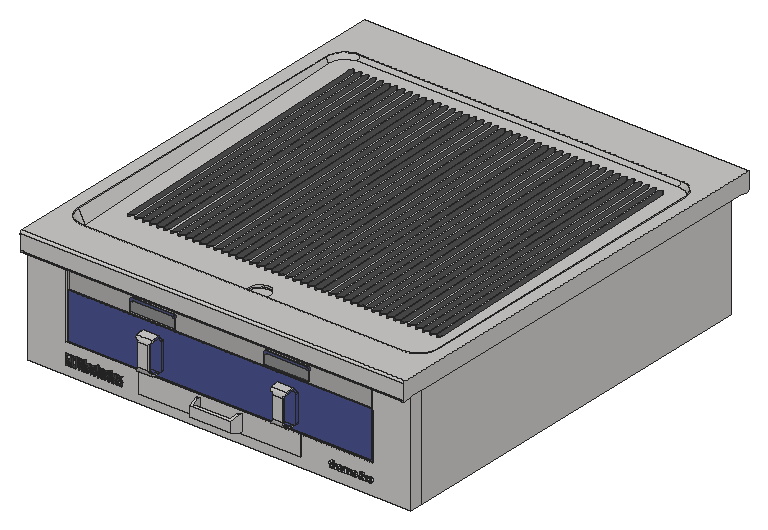
Revit family "QF_ELECTROLUXPROFESSIONAL_589831_MCHNAAHODM", category Attrezzature speciali, Revit 2020
Family settings
  Quota connettore circolare = Usa diametro
  Tipo di parte = Normale
  Basato su piano di lavoro = No
  Sempre verticale = Sì
  Taglio con vuoti quando caricato = No
  Condiviso = No
  Punto di calcolo locali = No
Parameters (values of type "Standard")
  Weight = 120.00 kg
  Watts = 15300 W
  Volts = 440 V
  URL Manufacturer = "https://www.electroluxprofessional.com/"
  URL = "https://www.electroluxprofessional.com/"
  Steam Supply Size = 0"
  Steam Supply Minimum Pressure = 0.00 psi
  Steam Supply Maximum Pressure = 0.00 psi
  Steam Consumption per Hour = 0
  Refrigeration Suction Line Size = 0 mm
  Refrigeration Liquid Line Size = 0 mm
  Refrigerant Compressor Remote = yes
  Prospetto di default = 0 mm
  Phase = 3
  Modello = "MCHNAAHODM"
  Produttore = "Electrolux Professional"
  Length Actual = 800 mm  # constant formula
  Item Number = "589831"
  Hot Water Size = 0"
  Height Actual = 250 mm  # constant formula
  HP = "20.5 HP"
  Gas Size = 0"
  Gas KW = 0
  Gas Input Pressure = 0.0 Btu/h
  Direct Waste Size = 0"
  Descrizione = "FRYTOP,RBD,2Z,1S,800X900X250H MARINE"
  Depth Actual = 900 mm  # constant formula
  Cycle = 50 Hz
  Condensate Return Size = 0"
  Compressed Air Volume = 0 GPM
  Compressed Air Size = 0"
  Compressed Air Pressure = 0.00 psi
  Cold Water Size = 0"
  Accessory = yes
Reference planes
  plane 1 "BACK": y = 0
  plane 2: z = 0
  plane 3 "LEFT": x = 0
  plane 4 "RIGHT": x = 800
  plane 5 "FRONT": y = -900
  plane 6 "TOP": z = 900
  plane 7 "Center (Left/Right)": x = 400
  plane 8 "Center (Front/Back)": y = -425
  plane 9: y = -150
  plane 10: y = -65
  plane 11: y = -840
  plane 12 "EIY": y = -685
  plane 13: z = 938
  plane 14 "BaseTop": z = 650
  plane 15: y = -855
  plane 16 "Camino": y = -50
  plane 17 "EIx": x = 755
  plane 18: z = 1131
  plane 19 "PlaneRibbed": through (-6096, -65, 890) normal (0, -0.0251, 0.9997)
  plane 20 "Base": z = 200
Forms (mm)
  Extrusion 1, solid, material "QF_Finishes_Stainless Steel"
    sketch origin (-178.969, -4572, 100) x (-1, 0, 0) y (0, -1, 0)
      loop
        line (-178.969, -4527) -> (-178.969, -3717) -> (-978.969, -3717) -> (-978.969, -4527) -> (-178.969, -4527)
    from 550 to 762.969
  Extrusion 2, solid, material "QF_Finishes_Stainless Steel"
    sketch origin (400, 296.4, 1219.2) x (0, 1, 0) y (0, 0, 1)
      loop
        line (-296.4, -319.2) -> (-1191.4, -319.2)
        arc (-1191.4, -319.2) -> (-1194.935, -320.664) -> (-1196.4, -324.2) r 5
        line (-1196.4, -324.2) -> (-1196.4, -355.2)
        arc (-1196.4, -355.2) -> (-1194.971, -358.264) -> (-1191.705, -359.139) r 4
        line (-1191.705, -359.139) -> (-1176.4, -356.231) -> (-316.4, -356.231) -> (-301.094, -359.139)
        arc (-301.094, -359.139) -> (-297.829, -358.264) -> (-296.4, -355.2) r 4
        line (-296.4, -355.2) -> (-296.4, -319.2)
    from -400 to 400
  Extrusion 3, void
    sketch origin (0, -30, 900) x (-1, 0, 0) y (0, -1, 0)
      loop
        arc (-65, 65) -> (-36.716, 76.716) -> (-25, 105) r 40
        line (-25, 105) -> (-25, 750)
        arc (-25, 750) -> (-36.716, 778.284) -> (-65, 790) r 40
        line (-65, 790) -> (-735, 790)
        arc (-735, 790) -> (-763.284, 778.284) -> (-775, 750) r 40
        line (-775, 750) -> (-775, 105)
        arc (-775, 105) -> (-763.284, 76.716) -> (-735, 65) r 40
        line (-735, 65) -> (-65, 65)
    from 0 to -30
  Extrusion 4, solid, material "QF_Finishes_Stainless Steel"
    sketch origin (0, 0, 650) x (-1, 0, 0) y (0, -1, 0)
      loop
        circle (-755, 685) r 10.1
    from 0 to -10
  Sweep 5, solid, material "QF_Finishes_Stainless Steel"
    path origin (0, -30, 900) x (-1, 0, 0) y (0, -1, 0)
      loop
        line (-25, 105) -> (-25, 750)
        arc (-25, 750) -> (-36.716, 778.284) -> (-65, 790) r 40
        line (-65, 790) -> (-735, 790)
        arc (-735, 790) -> (-763.284, 778.284) -> (-775, 750) r 40
        line (-775, 750) -> (-775, 105)
        arc (-775, 105) -> (-763.284, 76.716) -> (-735, 65) r 40
        line (-735, 65) -> (-65, 65)
        arc (-65, 65) -> (-36.716, 76.716) -> (-25, 105) r 40
    profile origin (25, -457.5, 900) x (1, 0, 0) y (0, 0, 1)
      loop
        line (0, 0) -> (0, -30) -> (15, -30) -> (0, 0)
  Extrusion 6, void
    sketch origin (305.009, -30, 900) x (-1, 0, 0) y (0, -1, 0)
      loop
        circle (-94.991, 746) r 22.248
    from -32.282 to 0
  Extrusion 7, solid, material "QF_Finishes_Stainless Steel"
    sketch origin (400, 266.4, 1219.2) x (0, 1, 0) y (0, 0, 1)
      loop
        line (-1086.4, -349.2) -> (-361.4, -349.2) -> (-361.4, -329.2) -> (-1086.4, -347.399) -> (-1086.4, -349.2)
    from -375 to 375
  Extrusion 8, void
    sketch origin (290.252, -10, 900) x (-1, 0, 0) y (0, -1, 0)
      loop
        circle (-109.748, 765.667) r 22.248
    from -32.282 to 0
Cuts and joins
  Extrusion 3, Extrusion 6, Extrusion 8 cuts Extrusion 2
  Extrusion 8 cuts Sweep 5
  Extrusion 8 cuts Extrusion 7
  joined: Sweep 5, Extrusion 7
Lines and regions (mm)
  symbolic lines
    curve 1: line (0, 0, 100) -> (800, 0, 100)
    curve 2: line (0, -900, 100) -> (0, 0, 100)
    curve 3: line (800, -900, 100) -> (0, -900, 100)
    curve 4: line (800, 0, 100) -> (800, -900, 100)
    curve 5: line (734.029, -95, 0) -> (65.29, -95, 0)
    curve 6: line (65.29, -820, 0) -> (734.029, -820, 0)
    curve 7: line (65, -110, 900) -> (735, -110, 900)
    curve 8: line (735, -805, 900) -> (65, -805, 900)
    curve 9: arc (760, -780, 900) -> (752.678, -797.678, 900) -> (735, -805, 900) r 25
    curve 10: line (760, -135, 900) -> (760, -780, 900)
    curve 11: arc (735, -110, 900) -> (752.678, -117.322, 900) -> (760, -135, 900) r 25
    curve 12: circle (400, -776, 900) r 22.248 normal (0, 0, 1)
    curve 13: arc (90.5, -115.483, 900) -> (62.314, -127.096, 900) -> (50.5, -155.198, 900) r 39.994
    curve 14: line (90.5, -115.482, 900) -> (710.5, -115.482, 900)
    curve 15: line (50.5, -692.082, 900) -> (50.5, -155.198, 900)
    curve 16: arc (50.5, -692.082, 900) -> (62.314, -720.184, 900) -> (90.5, -731.797, 900) r 39.994
    curve 17: line (710.5, -731.798, 900) -> (90.5, -731.798, 900)
    curve 18: line (40.29, -738.526, 900) -> (760, -738.526, 900)
    curve 19: line (40.29, -748.526, 900) -> (760, -748.526, 900)
    curve 20: arc (65, -95, 900) -> (36.716, -106.716, 900) -> (25, -135, 900) r 40
    curve 21: line (25, -135, 900) -> (25, -780, 900)
    curve 22: arc (25, -780, 900) -> (36.716, -808.284, 900) -> (65, -820, 900) r 40
    curve 23: arc (735, -820, 900) -> (763.284, -808.284, 900) -> (775, -780, 900) r 40
    curve 24: line (775, -780, 900) -> (775, -135, 900)
    curve 25: arc (775, -135, 900) -> (763.284, -106.716, 900) -> (735, -95, 900) r 40
    curve 26: arc (709.5, -115.483, 900) -> (737.686, -127.096, 900) -> (749.5, -155.198, 900) r 39.994
    curve 27: line (749.5, -692.082, 900) -> (749.5, -155.198, 900)
    curve 28: arc (749.5, -692.082, 900) -> (737.686, -720.184, 900) -> (709.5, -731.797, 900) r 39.994
    curve 29: arc (65, -805, 900) -> (47.322, -797.678, 900) -> (40, -780, 900) r 25
    curve 30: line (40, -780, 900) -> (40, -135, 900)
    curve 31: arc (40, -135, 900) -> (47.322, -117.322, 900) -> (65, -110, 900) r 25
Dimensions and locks
  plane 3 "LEFT" to plane 4 "RIGHT" = 800 mm
  plane 5 "FRONT" to plane 1 "BACK" = 900 mm
  plane 3 "LEFT" to plane 7 "Center (Left/Right)" to plane 4 "RIGHT" = 400 mm, 400 mm
  plane 5 "FRONT" to plane 8 "Center (Front/Back)" to plane 1 "BACK" = 475 mm, 425 mm
  plane 6 "TOP" to level = 900 mm  (x2)
  plane 1 "BACK" to plane 9 = 150 mm
  plane 12 "EIY" to plane 1 "BACK" = 685 mm
  plane 13 to plane 6 "TOP" = 38 mm
  plane 10 to plane 1 "BACK" = 65 mm
  plane 5 "FRONT" to plane 11 = 60 mm
  locked: plane 6 "TOP" to plane 14 "BaseTop" at 250
  locked: plane 15 to plane 5 "FRONT" at 45
  plane 16 "Camino" to plane 1 "BACK" = 50 mm
  plane 17 "EIx" to plane 4 "RIGHT" = 45 mm
  plane 18 to plane 6 "TOP" = 231 mm
  plane 20 "Base" to level = 200 mm
  aligned and locked: level to plane 2
  aligned and locked: cut or joined group of Extrusion 2, Extrusion 3, Extrusion 6, Extrusion 8 to plane 3 "LEFT"
  aligned and locked: cut or joined group of Extrusion 2, Extrusion 3, Extrusion 6, Extrusion 8 to plane 4 "RIGHT"
  aligned and locked: nested 1 to plane 15
  aligned and locked: Extrusion 1 to plane 15
  aligned and locked: plane 3 "LEFT" to nested 1
Nested families
  nested 1: "Front_Panel_W800_Two Knobs" at (202.376, -855, 0), type "Front_Panel_W800_Two Knobs"
  nested 2: "Rib_D12" at (662.5, -409.667, 882.101) x (-1, 0, 0) z (0, -0.0251, 0.9997), type "Rib_D12"
    with Show Clearance yes, Lenght 588 mm
  nested 3: "Rib_D12" at (647.5, -409.667, 882.101) x (-1, 0, 0) z (0, -0.0251, 0.9997), type "Rib_D12"
    with Show Clearance yes, Lenght 588 mm
  nested 4: "Rib_D12" at (632.5, -409.667, 882.101) x (-1, 0, 0) z (0, -0.0251, 0.9997), type "Rib_D12"
    with Show Clearance yes, Lenght 588 mm
  nested 5: "Rib_D12" at (617.5, -409.667, 882.101) x (-1, 0, 0) z (0, -0.0251, 0.9997), type "Rib_D12"
    with Show Clearance yes, Lenght 588 mm
  nested 6: "Rib_D12" at (602.5, -409.667, 882.101) x (-1, 0, 0) z (0, -0.0251, 0.9997), type "Rib_D12"
    with Show Clearance yes, Lenght 588 mm
  nested 7: "Rib_D12" at (587.5, -409.667, 882.101) x (-1, 0, 0) z (0, -0.0251, 0.9997), type "Rib_D12"
    with Show Clearance yes, Lenght 588 mm
  nested 8: "Rib_D12" at (572.5, -409.667, 882.101) x (-1, 0, 0) z (0, -0.0251, 0.9997), type "Rib_D12"
    with Show Clearance yes, Lenght 588 mm
  nested 9: "Rib_D12" at (557.5, -409.667, 882.101) x (-1, 0, 0) z (0, -0.0251, 0.9997), type "Rib_D12"
    with Show Clearance yes, Lenght 588 mm
  nested 10: "Rib_D12" at (542.5, -409.667, 882.101) x (-1, 0, 0) z (0, -0.0251, 0.9997), type "Rib_D12"
    with Show Clearance yes, Lenght 588 mm
  nested 11: "Rib_D12" at (527.5, -409.667, 882.101) x (-1, 0, 0) z (0, -0.0251, 0.9997), type "Rib_D12"
    with Show Clearance yes, Lenght 588 mm
  nested 12: "Rib_D12" at (512.5, -409.667, 882.101) x (-1, 0, 0) z (0, -0.0251, 0.9997), type "Rib_D12"
    with Show Clearance yes, Lenght 588 mm
  nested 13: "Rib_D12" at (497.5, -409.667, 882.101) x (-1, 0, 0) z (0, -0.0251, 0.9997), type "Rib_D12"
    with Show Clearance yes, Lenght 588 mm
  nested 14: "Rib_D12" at (722.5, -409.667, 882.101) x (-1, 0, 0) z (0, -0.0251, 0.9997), type "Rib_D12"
    with Show Clearance yes, Lenght 588 mm
  nested 15: "Rib_D12" at (707.5, -409.667, 882.101) x (-1, 0, 0) z (0, -0.0251, 0.9997), type "Rib_D12"
    with Show Clearance yes, Lenght 588 mm
  nested 16: "Rib_D12" at (692.5, -409.667, 882.101) x (-1, 0, 0) z (0, -0.0251, 0.9997), type "Rib_D12"
    with Show Clearance yes, Lenght 588 mm
  nested 17: "Rib_D12" at (677.5, -409.667, 882.101) x (-1, 0, 0) z (0, -0.0251, 0.9997), type "Rib_D12"
    with Show Clearance yes, Lenght 588 mm
  nested 18: "Rib_D12" at (482.5, -409.667, 882.101) x (-1, 0, 0) z (0, -0.0251, 0.9997), type "Rib_D12"
    with Show Clearance yes, Lenght 588 mm
  nested 19: "Rib_D12" at (467.5, -409.667, 882.101) x (-1, 0, 0) z (0, -0.0251, 0.9997), type "Rib_D12"
    with Show Clearance yes, Lenght 588 mm
  nested 20: "Rib_D12" at (452.5, -409.667, 882.101) x (-1, 0, 0) z (0, -0.0251, 0.9997), type "Rib_D12"
    with Show Clearance yes, Lenght 588 mm
  nested 21: "Rib_D12" at (437.5, -409.667, 882.101) x (-1, 0, 0) z (0, -0.0251, 0.9997), type "Rib_D12"
    with Show Clearance yes, Lenght 588 mm
  nested 22: "Rib_D12" at (422.5, -409.667, 882.101) x (-1, 0, 0) z (0, -0.0251, 0.9997), type "Rib_D12"
    with Show Clearance yes, Lenght 588 mm
  nested 23: "Rib_D12" at (407.5, -409.667, 882.101) x (-1, 0, 0) z (0, -0.0251, 0.9997), type "Rib_D12"
    with Show Clearance yes, Lenght 588 mm
  nested 24: "Rib_D12" at (137.5, -409.667, 882.101) x (1, 0, 0) z (0, -0.0251, 0.9997), type "Rib_D12"
    with Show Clearance yes, Lenght 588 mm
  nested 25: "Rib_D12" at (152.5, -409.667, 882.101) x (1, 0, 0) z (0, -0.0251, 0.9997), type "Rib_D12"
    with Show Clearance yes, Lenght 588 mm
  nested 26: "Rib_D12" at (167.5, -409.667, 882.101) x (1, 0, 0) z (0, -0.0251, 0.9997), type "Rib_D12"
    with Show Clearance yes, Lenght 588 mm
  nested 27: "Rib_D12" at (182.5, -409.667, 882.101) x (1, 0, 0) z (0, -0.0251, 0.9997), type "Rib_D12"
    with Show Clearance yes, Lenght 588 mm
  nested 28: "Rib_D12" at (197.5, -409.667, 882.101) x (1, 0, 0) z (0, -0.0251, 0.9997), type "Rib_D12"
    with Show Clearance yes, Lenght 588 mm
  nested 29: "Rib_D12" at (212.5, -409.667, 882.101) x (1, 0, 0) z (0, -0.0251, 0.9997), type "Rib_D12"
    with Show Clearance yes, Lenght 588 mm
  nested 30: "Rib_D12" at (227.5, -409.667, 882.101) x (1, 0, 0) z (0, -0.0251, 0.9997), type "Rib_D12"
    with Show Clearance yes, Lenght 588 mm
  nested 31: "Rib_D12" at (242.5, -409.667, 882.101) x (1, 0, 0) z (0, -0.0251, 0.9997), type "Rib_D12"
    with Show Clearance yes, Lenght 588 mm
  nested 32: "Rib_D12" at (257.5, -409.667, 882.101) x (1, 0, 0) z (0, -0.0251, 0.9997), type "Rib_D12"
    with Show Clearance yes, Lenght 588 mm
  nested 33: "Rib_D12" at (272.5, -409.667, 882.101) x (1, 0, 0) z (0, -0.0251, 0.9997), type "Rib_D12"
    with Show Clearance yes, Lenght 588 mm
  nested 34: "Rib_D12" at (287.5, -409.667, 882.101) x (1, 0, 0) z (0, -0.0251, 0.9997), type "Rib_D12"
    with Show Clearance yes, Lenght 588 mm
  nested 35: "Rib_D12" at (302.5, -409.667, 882.101) x (1, 0, 0) z (0, -0.0251, 0.9997), type "Rib_D12"
    with Show Clearance yes, Lenght 588 mm
  nested 36: "Rib_D12" at (77.5, -409.667, 882.101) x (1, 0, 0) z (0, -0.0251, 0.9997), type "Rib_D12"
    with Show Clearance yes, Lenght 588 mm
  nested 37: "Rib_D12" at (92.5, -409.667, 882.101) x (1, 0, 0) z (0, -0.0251, 0.9997), type "Rib_D12"
    with Show Clearance yes, Lenght 588 mm
  nested 38: "Rib_D12" at (107.5, -409.667, 882.101) x (1, 0, 0) z (0, -0.0251, 0.9997), type "Rib_D12"
    with Show Clearance yes, Lenght 588 mm
  nested 39: "Rib_D12" at (122.5, -409.667, 882.101) x (1, 0, 0) z (0, -0.0251, 0.9997), type "Rib_D12"
    with Show Clearance yes, Lenght 588 mm
  nested 40: "Rib_D12" at (317.5, -409.667, 882.101) x (1, 0, 0) z (0, -0.0251, 0.9997), type "Rib_D12"
    with Show Clearance yes, Lenght 588 mm
  nested 41: "Rib_D12" at (332.5, -409.667, 882.101) x (1, 0, 0) z (0, -0.0251, 0.9997), type "Rib_D12"
    with Show Clearance yes, Lenght 588 mm
  nested 42: "Rib_D12" at (347.5, -409.667, 882.101) x (1, 0, 0) z (0, -0.0251, 0.9997), type "Rib_D12"
    with Show Clearance yes, Lenght 588 mm
  nested 43: "Rib_D12" at (362.5, -409.667, 882.101) x (1, 0, 0) z (0, -0.0251, 0.9997), type "Rib_D12"
    with Show Clearance yes, Lenght 588 mm
  nested 44: "Rib_D12" at (377.5, -409.667, 882.101) x (1, 0, 0) z (0, -0.0251, 0.9997), type "Rib_D12"
    with Show Clearance yes, Lenght 588 mm
  nested 45: "Rib_D12" at (392.5, -409.667, 882.101) x (1, 0, 0) z (0, -0.0251, 0.9997), type "Rib_D12"
    with Show Clearance yes, Lenght 588 mm
Connectors
  electrical at (755, -685, 640), driven by "Volts"
    settings: on Extrusion 4, index 1, voltage 440 V, apparent load 0 VA, apparent load phase1 0 VA, apparent load phase2 0 VA, apparent load phase3 0 VA, power factor 1, load classification "Other", number of poles 1, system type 30, power factor state 1, is connector primary yes, connector utility no, sub classification motor no, connector description "Electrical Connection"
Definition of nested family "Front_Panel_W800_Two Knobs"
  Parameters
    Default Elevation = 0 mm
  Reference planes
    plane 1 "Center (Front/Back)": y = 0
    plane 2: z = 0
    plane 3 "Center (Left/Right)": x = 197.624
    plane 4 "Left": x = -202.376
    plane 5 "Right": x = 597.624
    plane 6: y = -45
    plane 7: x = 127.624
    plane 8: y = -310
    plane 9: x = 57.624
    plane 10: x = 337.624
    plane 11: x = 517.624
    plane 12: x = -122.376
    plane 13 "Panel": y = -25
  Forms (mm)
    Extrusion 1, solid
      sketch origin (833.217, 829.203, -1.25) x (0, 1, 0) y (0, 0, 1)
        loop
          line (-854.203, 651.25) -> (-829.203, 651.25) -> (-829.203, 864.25) -> (-854.203, 864.25) -> (-854.203, 651.25)
      from -1035.593 to -235.593
    Extrusion 2, void
      sketch origin (0, 0, 0) x (1, 0, 0) y (0, 0, 1)
        loop
          line (-122.376, 853.866) -> (-122.376, 711.866) -> (517.624, 711.866) -> (517.624, 853.866) -> (-122.376, 853.866)
      from 19.387 to 33.951
    Extrusion 3, solid
      sketch origin (50, 0, 1) x (1, 0, 0) y (0, 0, 1)
        loop
          line (-21.376, 710.866) -> (-21.376, 667.866) -> (316.624, 667.866) -> (316.624, 710.866) -> (-21.376, 710.866)
      from 19.387 to 25
    Extrusion 4, solid
      sketch origin (50, 0, 1) x (1, 0, 0) y (0, 1, 0)
        loop
          line (106.059, -25) -> (100.966, -25) -> (105.646, -49.075) -> (189.603, -49.075) -> (194.283, -25) -> (189.189, -25) -> (185.481, -44.075) -> (109.767, -44.075) -> (106.059, -25)
      from 672.593 to 705.67
    Extrusion 5, void
      sketch origin (197.624, 0, 1) x (0, 1, 0) y (0, 0, 1)
        loop
          line (-30, 705.67) -> (-30, 710.67) -> (-56.744, 710.67) -> (-56.744, 667.593) -> (-30, 667.593) -> (-30, 672.593) -> (-53.776, 680.318) -> (-53.776, 697.945) -> (-30, 705.67)
      from -50 to 50
    Extrusion 6, solid, detail levels coarse
      sketch origin (50, -265, 1) x (1, 0, 0) y (0, 1, 0)
        loop
          line (106.164, -71.744) -> (189.084, -71.744) -> (194.283, -45) -> (316.624, -45) -> (316.624, 240) -> (-21.376, 240) -> (-21.376, -45) -> (100.966, -45) -> (106.164, -71.744)
      from 672.593 to 705.67
    Extrusion 7, void
      sketch origin (197.624, -280, 1) x (0, 1, 0) y (0, 0, 1)
        loop
          line (-30, 705.67) -> (-30, 710.67) -> (-56.744, 710.67) -> (-56.744, 667.593) -> (-30, 667.593) -> (-30, 672.593) -> (-53.776, 680.318) -> (-53.776, 697.945) -> (-30, 705.67)
      from -50 to 50
  Cuts and joins
    Extrusion 2 cuts Extrusion 1
    Extrusion 5 cuts Extrusion 4
    Extrusion 5, Extrusion 7 cuts Extrusion 6
  Lines and regions (mm)
    symbolic lines
      curve 1: line (28.624, -45, 0) -> (28.624, -310, 0)
      curve 2: line (28.624, -310, 0) -> (366.624, -310, 0)
      curve 3: line (366.624, -310, 0) -> (366.624, -45, 0)
      curve 4: line (28.624, -300, 0) -> (366.624, -300, 0)
      curve 5: line (150.908, -309.701, 0) -> (155.587, -333.776, 0)
      curve 6: line (155.587, -333.776, 0) -> (239.545, -333.776, 0)
      curve 7: line (239.545, -333.776, 0) -> (244.225, -309.701, 0)
      curve 8: line (155.816, -308.747, 0) -> (159.709, -328.776, 0)
      curve 9: line (159.709, -328.776, 0) -> (235.423, -328.776, 0)
      curve 10: line (235.423, -328.776, 0) -> (239.316, -308.747, 0)
  Dimensions and locks
    equal spacing: plane 5 "Right", plane 3 "Center (Left/Right)", plane 4 "Left"
    plane 5 "Right" to plane 4 "Left" = 800 mm
    plane 3 "Center (Left/Right)" to plane 7 = 70 mm
    plane 6 to plane 8 = 265 mm
    plane 10 to plane 3 "Center (Left/Right)" = 140 mm
    plane 3 "Center (Left/Right)" to plane 9 = 140 mm
    aligned and locked: cut or joined group of Extrusion 1, Extrusion 2 to plane 4 "Left"
    aligned and locked: plane 5 "Right" to cut or joined group of Extrusion 1, Extrusion 2
    aligned and locked: plane 3 "Center (Left/Right)" to nested 1
    aligned and locked: cut or joined group of Extrusion 1, Extrusion 2 to nested 1
    aligned and locked: nested 5 to plane 12
  Automatic sketch dimensions
    Extrusion 1 sketch curve to plane 1 "Center (Front/Back)" = 0 mm
    level to Extrusion 1 sketch curve = 650 mm
    plane 4 "Left" to Extrusion 2 sketch curve = 80 mm
    Extrusion 2 sketch curve to plane 5 "Right" = 80 mm
    level to Extrusion 2 sketch curve = 711.866 mm
    Extrusion 2 sketch curve to Extrusion 2 sketch curve = 142 mm
    plane 6 to curve 1 = 0 mm
    plane 6 to curve 3 = 0 mm
    plane 8 to curve 1 = 0 mm
    curve 1 to curve 4 = 10 mm
    Extrusion 1 sketch curve to plane 6 = 20 mm
    Extrusion 1 sketch curve to Extrusion 1 sketch curve = 213 mm
    curve 2 to plane 7 = 99 mm
    Extrusion 3 sketch curve to plane 9 = 29 mm
    plane 10 to Extrusion 3 sketch curve = 29 mm
    level to Extrusion 3 sketch curve = 668.866 mm
    Extrusion 3 sketch curve to Extrusion 3 sketch curve = 43 mm
    plane 13 "Panel" to Extrusion 4 sketch curve = 0 mm  (x2)
    plane 7 to Extrusion 4 sketch curve = 23.342 mm
    plane 6 to Extrusion 4 sketch curve = 4.075 mm
    Extrusion 4 sketch curve to Extrusion 4 sketch curve = 4.68 mm
    Extrusion 4 sketch curve to Extrusion 4 sketch curve = 5.094 mm  (x2)
    Extrusion 4 sketch curve to plane 6 = 0.925 mm
    Extrusion 4 sketch curve to Extrusion 4 sketch curve = 4.122 mm  (x2)
    plane 3 "Center (Left/Right)" to Extrusion 4 sketch curve = 37.857 mm
    Extrusion 4 sketch curve to Extrusion 4 sketch curve = 3.708 mm
    plane 6 to Extrusion 5 sketch curve = 11.744 mm
    plane 6 to Extrusion 5 sketch curve = 8.776 mm
    plane 13 "Panel" to Extrusion 5 sketch curve = 5 mm  (x2)
    level to Extrusion 5 sketch curve = 668.593 mm
    Extrusion 5 sketch curve to Extrusion 5 sketch curve = 5 mm
    Extrusion 5 sketch curve to Extrusion 5 sketch curve = 12.725 mm  (x2)
    Extrusion 5 sketch curve to Extrusion 5 sketch curve = 17.627 mm
    Extrusion 5 sketch curve to Extrusion 5 sketch curve = 7.725 mm
    plane 13 "Panel" to Extrusion 6 sketch curve = 0 mm
    Extrusion 6 sketch curve to plane 8 = 0 mm  (x2)
    Extrusion 6 sketch curve to plane 9 = 29 mm
    plane 7 to Extrusion 6 sketch curve = 23.342 mm
    Extrusion 6 sketch curve to Extrusion 6 sketch curve = 5.199 mm  (x2)
    plane 3 "Center (Left/Right)" to Extrusion 6 sketch curve = 41.46 mm
    plane 10 to Extrusion 6 sketch curve = 29 mm
    Extrusion 6 sketch curve to plane 8 = 26.744 mm
    Extrusion 7 sketch curve to plane 8 = 0 mm  (x2)
    Extrusion 7 sketch curve to plane 8 = 23.776 mm
    Extrusion 7 sketch curve to Extrusion 7 sketch curve = 2.968 mm
    level to Extrusion 7 sketch curve = 668.593 mm
    Extrusion 7 sketch curve to Extrusion 7 sketch curve = 5 mm
    Extrusion 7 sketch curve to Extrusion 7 sketch curve = 12.725 mm  (x2)
    Extrusion 7 sketch curve to Extrusion 7 sketch curve = 17.627 mm
    Extrusion 7 sketch curve to Extrusion 7 sketch curve = 7.725 mm
    plane 10 to curve 3 = 29 mm
    plane 8 to curve 5 = 0.299 mm
    plane 7 to curve 5 = 23.283 mm
    curve 5 to curve 5 = 4.68 mm
    plane 8 to curve 8 = 1.253 mm
    curve 5 to curve 8 = 4.908 mm
    curve 5 to curve 9 = 4.122 mm
    plane 3 "Center (Left/Right)" to curve 9 = 37.799 mm
    curve 10 to plane 8 = 18.776 mm
    plane 8 to curve 10 = 1.253 mm
    curve 9 to curve 10 = 3.893 mm
    curve 9 to curve 7 = 4.122 mm
    plane 8 to curve 7 = 0.299 mm
    curve 10 to curve 7 = 4.908 mm
    curve 6 to curve 8 = 5 mm
  Nested families
    nested 1: "Front glass control panel W800_Two" at (197.624, 280.644, 2.752), type "Front glass control panel W800_Two"
    nested 2: "Range Control Handle" at (57.851, -28.137, -209.113) x (-1, 0, 0) z (0, 0, 1), type "Range Control Handle"
    nested 3: "Range Control Handle" at (337.624, -28.137, -209.113), type "Range Control Handle"
    nested 4: "ELX_ThermaLine_Small" at (469.031, -25, 679.402) x (1, 0, 0) z (0, -1, 0), type "ELX_ThermaLine_Small"
      with Show Logo yes, Material_Logo none
    nested 5: "ELX_Professional_Logo_Small" at (-62.89, -25, 681.634) x (1, 0, 0) z (0, -1, 0), type "ELX_Professional_Logo_Small"
      with Show Logo yes, Material_Logo none
  Definition of nested family "Front glass control panel W800_Two"
    Parameters
      Default Elevation = 0 mm
    Reference planes
      plane 1 "Center (Front/Back)": y = 0
      plane 2: z = 0
      plane 3 "Center (Left/Right)": x = 0
      plane 4: x = -140
      plane 5: x = 140
    Forms (mm)
      Extrusion 1, solid
        sketch origin (378.286, 0, 0.617) x (1, 0, 0) y (0, 0, 1)
          loop
            line (-698.286, 806.791) -> (-698.286, 708.497) -> (-58.286, 708.497) -> (-58.286, 806.791) -> (-698.286, 806.791)
        from 300.031 to 304.8
      Extrusion 2, solid
        sketch origin (378.286, 0, 0.617) x (1, 0, 0) y (0, 0, 1)
          loop
            line (-698.286, 850.497) -> (-698.286, 806.791) -> (-58.286, 806.791) -> (-58.286, 850.497) -> (-698.286, 850.497)
        from 300.031 to 304.8
      Extrusion 3, void
        sketch origin (378.286, 0, 0.617) x (1, 0, 0) y (0, 0, 1)
          loop
            line (-695.628, 847.565) -> (-695.628, 710.699) -> (-61.196, 710.699) -> (-61.196, 847.565) -> (-695.628, 847.565)
        from 303.697 to 304.8
      Extrusion 4, solid
        sketch origin (-448.309, 1.101, -0.633) x (-1, 0, 0) y (0, 0, -1)
          loop
            line (-261.431, -812.62) -> (-355.186, -812.62) -> (-355.186, -834.177) -> (-350.269, -834.177) -> (-348.469, -835.977) -> (-268.039, -835.977) -> (-266.24, -834.177) -> (-261.431, -834.177) -> (-261.431, -812.62)
        from 304.798 to 306.745
      Extrusion 5, solid
        sketch origin (-448.309, 1.101, -0.633) x (-1, 0, 0) y (0, 0, -1)
          loop
            line (-350.269, -834.177) -> (-355.078, -834.177)
            arc (-355.078, -834.177) -> (-353.942, -838.747) -> (-349.686, -840.763) r 5.5
            line (-349.686, -840.763) -> (-266.98, -840.763)
            arc (-266.98, -840.763) -> (-262.706, -838.752) -> (-261.529, -834.177) r 5.549
            line (-261.529, -834.177) -> (-266.24, -834.177) -> (-268.039, -835.977) -> (-348.469, -835.977) -> (-350.269, -834.177)
        from 304.798 to 306.745
      Extrusion 6, solid
        sketch origin (448.309, 1.101, -0.633) x (1, 0, 0) y (0, 0, 1)
          loop
            line (-261.431, 812.62) -> (-261.431, 834.177) -> (-266.24, 834.177) -> (-268.039, 835.977) -> (-348.469, 835.977) -> (-350.269, 834.177) -> (-355.186, 834.177) -> (-355.186, 812.62) -> (-261.431, 812.62)
        from 304.798 to 306.745
      Extrusion 7, solid
        sketch origin (448.309, 1.101, -0.633) x (1, 0, 0) y (0, 0, 1)
          loop
            line (-350.269, 834.177) -> (-348.469, 835.977) -> (-268.039, 835.977) -> (-266.24, 834.177) -> (-261.529, 834.177)
            arc (-261.529, 834.177) -> (-262.706, 838.752) -> (-266.98, 840.763) r 5.549
            line (-266.98, 840.763) -> (-349.686, 840.763)
            arc (-349.686, 840.763) -> (-353.942, 838.747) -> (-355.078, 834.177) r 5.5
            line (-355.078, 834.177) -> (-350.269, 834.177)
        from 304.798 to 306.745
    Cuts and joins
      Extrusion 3 cuts Extrusion 1
      Extrusion 3 cuts Extrusion 2
    Dimensions and locks
      plane 3 "Center (Left/Right)" to plane 4 = 140 mm
      plane 5 to plane 3 "Center (Left/Right)" = 140 mm
      aligned and locked: Extrusion 1 to Extrusion 2
      aligned and locked: Extrusion 5 sketch curve to Extrusion 4  (x5)
      aligned and locked: Extrusion 5 to Extrusion 4
      aligned and locked: Extrusion 7 sketch curve to Extrusion 6  (x4)
      aligned and locked: Extrusion 6 to Extrusion 7 sketch curve
      aligned and locked: Extrusion 7 to Extrusion 6
  Definition of nested family "Range Control Handle"
    Parameters
      Default Elevation = 0 mm
    Reference planes
      plane 1 "Center (Front/Back)": y = 0
      plane 2: z = 0
      plane 3 "Center (Left/Right)": x = 0
      plane 4: z = 971.092
      plane 5: y = -16.9
    Forms (mm)
      Extrusion 1, solid
        sketch origin (-746.28, 380.497, 208.931) x (-1, 0, 0) y (0, 0, 1)
          loop
            line (-770.101, 786.798) -> (-770.101, 731.649)
            arc (-770.101, 731.649) -> (-769.759, 730.563) -> (-768.855, 729.87) r 1.893
            line (-768.855, 729.87) -> (-763.474, 727.911) -> (-729.81, 727.911) -> (-724.428, 729.87)
            arc (-724.428, 729.87) -> (-723.525, 730.563) -> (-723.183, 731.649) r 1.893
            line (-723.183, 731.649) -> (-723.183, 786.798)
            arc (-723.183, 786.798) -> (-723.529, 787.894) -> (-724.44, 788.593) r 1.91
            line (-724.44, 788.593) -> (-729.683, 790.819) -> (-763.601, 790.819) -> (-768.844, 788.593)
            arc (-768.844, 788.593) -> (-769.755, 787.894) -> (-770.101, 786.798) r 1.91
        from -382.35 to -378.852
      Sweep 2, solid
        path origin (-746.788, 380.496, 208.091) x (0, -1, 0) y (0, 0, 1)
          loop
            line (379.775, 793.281) -> (395.661, 791.048)
            arc (395.661, 791.048) -> (397.781, 787.377) -> (398.517, 783.202) r 12.207
            line (398.517, 783.202) -> (398.517, 737.368)
            arc (398.517, 737.368) -> (397.781, 733.193) -> (395.661, 729.522) r 12.207
            line (395.661, 729.522) -> (379.775, 727.289)
        profile origin (-746.788, -7.222, 1000.256) x (0, -0.139173, 0.990268) y (-1, 0, 0)
          loop
            line (0.782, -763.123) -> (0.782, -730.907) -> (-1.322, -730.907) -> (-1.322, -763.123) -> (0.782, -763.123)
      Sweep 3, solid
        path origin (-746.788, 380.715, 207.832) x (0, -1, 0) y (0, 0, 1)
          loop
            line (380.478, 795.442) -> (397.218, 793.09)
            arc (397.218, 793.09) -> (399.929, 788.473) -> (400.871, 783.202) r 15.207
            line (400.871, 783.202) -> (400.871, 737.584)
            arc (400.871, 737.584) -> (399.914, 732.274) -> (397.164, 727.633) r 15.207
            line (397.164, 727.633) -> (380.601, 725.305)
        profile origin (-746.788, -8.132, 1002.099) x (0, -0.139173, 0.990268) y (-1, 0, 0)
          loop
            line (0.782, -763.123) -> (0.782, -730.907) -> (-1.322, -730.907) -> (-1.322, -763.123) -> (0.782, -763.123)
      Extrusion 4, void
        sketch origin (889.253, 220.666, 207.993) x (1, 0, 0) y (0, 0, 1)
          loop
            line (-943.038, 816.854) -> (-943.038, 703.686) -> (-899.466, 734.196) -> (-899.466, 786.344) -> (-943.038, 816.854)
        from 230.636 to 242.25
      Extrusion 5, void
        sketch origin (-888.8, 220.666, 207.993) x (-1, 0, 0) y (0, 0, -1)
          loop
            line (-943.038, -816.854) -> (-899.466, -786.344) -> (-899.466, -734.196) -> (-943.038, -703.686) -> (-943.038, -816.854)
        from 230.636 to 242.25
      Extrusion 6, solid
        sketch origin (0, 0, 0) x (1, 0, 0) y (0, 0, 1)
          loop
            circle (0, 971.092) r 7.736
        from -3.137 to -1.645
    Cuts and joins
      Extrusion 4, Extrusion 5 cuts Sweep 3
      Extrusion 4, Extrusion 5 cuts Sweep 2
      joined: Extrusion 1, Extrusion 6
    Lines and regions (mm)
      symbolic lines
        curve 1: line (16.334, -16.9, 0) -> (16.334, -19.227, 0)
        curve 2: spline (16.334, -19.227, 0) -> (15.87, -19.385, 0) -> (15.404, -19.536, 0) -> (14.936, -19.678, 0) -> (14.466, -19.813, 0) -> (13.995, -19.94, 0) -> (13.523, -20.059, 0) -> (13.049, -20.171, 0) -> (12.575, -20.274, 0) -> (12.099, -20.37, 0) -> (11.622, -20.458, 0) -> (11.144, -20.537, 0) -> (10.666, -20.609, 0)
        curve 3: line (10.666, -16.9, 0) -> (10.666, -20.938, 0)
        curve 4: line (-10.213, -20.938, 0) -> (10.666, -20.938, 0)
        curve 5: line (-10.213, -20.938, 0) -> (-10.213, -16.9, 0)
        curve 6: spline (-10.213, -20.609, 0) -> (-10.691, -20.537, 0) -> (-11.169, -20.458, 0) -> (-11.646, -20.37, 0) -> (-12.122, -20.274, 0) -> (-12.597, -20.171, 0) -> (-13.07, -20.059, 0) -> (-13.542, -19.94, 0) -> (-14.013, -19.813, 0) -> (-14.483, -19.678, 0) -> (-14.951, -19.536, 0) -> (-15.417, -19.385, 0) -> (-15.881, -19.227, 0)
        curve 7: line (-15.881, -19.227, 0) -> (-15.881, -16.9, 0)
  Definition of nested family "ELX_ThermaLine_Small"
    Parameters
      Show Logo [instance] = yes
      Material_Logo [instance] = none
      Default Elevation = 0 mm
    Reference planes
      plane 1 "Centro (Fronte/Retro)": y = 0
      plane 2: z = 0
      plane 3 "Centro (Sinistra/Destra)": x = 0
    Forms (mm)
      Extrusion 1, solid
        sketch origin (0, 0, 0) x (1, 0, 0) y (0, 1, 0)
          loop
            line (-1219.2, 1219.2) -> (-1219.2, -1219.2) -> (1219.2, -1219.2) -> (1219.2, 1219.2) -> (-1219.2, 1219.2)
        from 0 to -304.8
      Extrusion 2, solid
        sketch origin (0, 0, 0) x (1, 0, 0) y (0, 1, 0)
          loop
            line (-37.494, 1.229) -> (-35.908, 1.229) -> (-35.908, 3.066) -> (-37.494, 3.066) -> (-37.494, 6.221) -> (-39.867, 4.881) -> (-39.867, 3.066) -> (-40.969, 3.066) -> (-40.969, 1.229) -> (-39.867, 1.229) -> (-39.867, -3.407)
            arc (-39.867, -3.407) -> (-38.982, -5.513) -> (-36.751, -6.001) r 2.478
            line (-36.751, -6.001) -> (-35.638, -5.7) -> (-35.9, -3.835) -> (-36.661, -4.039)
            arc (-36.661, -4.039) -> (-37.236, -3.924) -> (-37.494, -3.399) r 0.662
            line (-37.494, -3.399) -> (-37.494, 1.229)
          loop
            line (-34.242, 6.539) -> (-34.242, -5.848) -> (-31.854, -5.848) -> (-31.854, -0.078)
            arc (-31.854, -0.078) -> (-30.939, 1.249) -> (-29.33, 1.367) r 1.866
            arc (-29.33, 1.367) -> (-28.695, 0.768) -> (-28.461, -0.073) r 1.627
            line (-28.461, -0.073) -> (-28.461, -5.848) -> (-26.086, -5.848) -> (-26.064, -0.46)
            arc (-26.064, -0.46) -> (-26.261, 0.932) -> (-26.786, 2.237) r 5.825
            arc (-26.786, 2.237) -> (-29.381, 3.264) -> (-31.854, 1.971) r 3.353
            line (-31.854, 1.971) -> (-31.854, 6.539) -> (-34.242, 6.539)
          loop
            arc (-18.398, -0.598) -> (-18.893, 0.879) -> (-20.326, 1.487) r 1.897
            arc (-20.326, 1.487) -> (-21.461, 0.708) -> (-21.897, -0.598) r 2.164
            line (-21.897, -0.598) -> (-18.398, -0.598)
          loop
            arc (-16.021, -2.044) -> (-16.754, 1.227) -> (-19.444, 3.226) r 4.814
            arc (-19.444, 3.226) -> (-22.137, 2.788) -> (-23.943, 0.743) r 4.054
            arc (-23.943, 0.743) -> (-24.382, -1.249) -> (-24.162, -3.276) r 6.289
            arc (-24.162, -3.276) -> (-23.302, -4.71) -> (-21.958, -5.705) r 4.28
            arc (-21.958, -5.705) -> (-18.558, -5.814) -> (-16.152, -3.409) r 4.28
            line (-16.152, -3.409) -> (-18.5, -2.995)
            arc (-18.5, -2.995) -> (-19.273, -3.994) -> (-20.533, -4.076) r 1.536
            arc (-20.533, -4.076) -> (-21.56, -3.281) -> (-21.958, -2.044) r 2.197
            line (-21.958, -2.044) -> (-16.021, -2.044)
          loop
            line (-14.165, -5.848) -> (-11.819, -5.848) -> (-11.819, -2.138)
            arc (-11.819, -2.138) -> (-11.787, -1.156) -> (-11.637, -0.185) r 8.18
            arc (-11.637, -0.185) -> (-10.644, 0.972) -> (-9.132, 0.776) r 1.603
            line (-9.132, 0.776) -> (-8.419, 2.846)
            arc (-8.419, 2.846) -> (-10.432, 3.118) -> (-11.994, 1.821) r 2.527
            line (-11.994, 1.821) -> (-11.994, 3.094) -> (-14.165, 3.094) -> (-14.165, -5.848)
          loop
            line (-7.579, 3.094) -> (-7.579, -5.848) -> (-5.178, -5.848) -> (-5.178, -0.756)
            arc (-5.178, -0.756) -> (-4.727, 0.679) -> (-3.417, 1.419) r 2.05
            arc (-3.417, 1.419) -> (-2.499, 0.908) -> (-2.155, -0.085) r 1.471
            line (-2.155, -0.085) -> (-2.155, -5.848) -> (0.23, -5.848) -> (0.23, -1.001)
            arc (0.23, -1.001) -> (0.47, 0.127) -> (1.148, 1.061) r 2.775
            arc (1.148, 1.061) -> (2.225, 1.329) -> (3.05, 0.587) r 1.182
            arc (3.05, 0.587) -> (3.199, -0.019) -> (3.214, -0.642) r 2.894
            line (3.214, -0.642) -> (3.214, -5.848) -> (5.601, -5.848) -> (5.601, 0.261)
            arc (5.601, 0.261) -> (4.87, 2.263) -> (2.976, 3.241) r 2.932
            arc (2.976, 3.241) -> (1.284, 2.973) -> (-0.047, 1.896) r 3.309
            arc (-0.047, 1.896) -> (-1.116, 2.865) -> (-2.506, 3.258) r 3.16
            arc (-2.506, 3.258) -> (-4.105, 2.942) -> (-5.376, 1.92) r 3.419
            line (-5.376, 1.92) -> (-5.376, 3.094) -> (-7.579, 3.094)
          loop
            line (7.583, 0.738) -> (9.702, 0.364)
            arc (9.702, 0.364) -> (11.441, 1.492) -> (12.855, -0.023) r 1.613
            line (12.855, -0.023) -> (9.782, -0.789)
            arc (9.782, -0.789) -> (8.559, -1.346) -> (7.617, -2.305) r 3.687
            arc (7.617, -2.305) -> (7.499, -3.681) -> (7.901, -5.003) r 3.651
            arc (7.901, -5.003) -> (9.107, -5.766) -> (10.515, -6.006) r 3.635
            arc (10.515, -6.006) -> (11.898, -5.697) -> (13.067, -4.895) r 3.734
            line (13.067, -4.895) -> (13.376, -5.848) -> (15.75, -5.848) -> (15.212, -4.193) -> (15.212, 0.38)
            arc (15.212, 0.38) -> (14.897, 1.849) -> (13.818, 2.895) r 2.585
            arc (13.818, 2.895) -> (11.792, 3.442) -> (9.719, 3.11) r 5.005
            arc (9.719, 3.11) -> (8.369, 2.178) -> (7.583, 0.738) r 3.54
          loop
            line (19.723, -5.848) -> (22.233, -5.848) -> (24.854, 6.484) -> (22.345, 6.484) -> (19.723, -5.848)
          loop
            line (24.583, -5.848) -> (26.953, -5.848) -> (28.848, 3.066) -> (26.478, 3.066) -> (24.583, -5.848)
          loop
            line (27.204, 6.484) -> (26.741, 4.305) -> (29.111, 4.305) -> (29.575, 6.484) -> (27.204, 6.484)
          loop
            line (29.355, -5.848) -> (31.849, -5.848) -> (33.098, 0.028)
            arc (33.098, 0.028) -> (34.169, 1.306) -> (35.832, 1.422) r 2.132
            arc (35.832, 1.422) -> (36.324, 0.752) -> (36.383, -0.078) r 1.5
            line (36.383, -0.078) -> (35.157, -5.848) -> (37.536, -5.848) -> (38.936, 0.738)
            arc (38.936, 0.738) -> (38.775, 2.091) -> (37.825, 3.066) r 2.118
            arc (37.825, 3.066) -> (35.392, 3.175) -> (33.295, 1.937) r 4.271
            line (33.295, 1.937) -> (33.535, 3.066) -> (31.25, 3.066) -> (29.355, -5.848)
          loop
            line (42.792, -0.64) -> (46.589, -0.64)
            arc (46.589, -0.64) -> (46.639, 0.124) -> (46.327, 0.823) r 1.589
            arc (46.327, 0.823) -> (45.117, 1.521) -> (43.762, 1.183) r 1.865
            arc (43.762, 1.183) -> (43.141, 0.344) -> (42.792, -0.64) r 3.538
          loop
            line (42.565, -2.138) -> (48.593, -2.138)
            arc (48.593, -2.138) -> (48.58, 0.597) -> (46.983, 2.818) r 4.494
            arc (46.983, 2.818) -> (44.191, 3.28) -> (41.725, 1.891) r 4.26
            arc (41.725, 1.891) -> (40.503, -0.3) -> (40.284, -2.799) r 6.003
            arc (40.284, -2.799) -> (40.959, -4.468) -> (42.377, -5.576) r 3.482
            arc (42.377, -5.576) -> (44.265, -5.961) -> (46.152, -5.576) r 4.823
            arc (46.152, -5.576) -> (47.432, -4.731) -> (48.328, -3.485) r 4.245
            line (48.328, -3.485) -> (46.168, -3.105)
            arc (46.168, -3.105) -> (45.214, -4.072) -> (43.859, -4.181) r 1.953
            arc (43.859, -4.181) -> (42.821, -3.408) -> (42.565, -2.138) r 1.81
          loop
            line (12.868, -1.553) -> (10.216, -2.214)
            arc (10.216, -2.214) -> (9.747, -3.136) -> (10.216, -4.058) r 1.14
            arc (10.216, -4.058) -> (11.537, -4.249) -> (12.614, -3.46) r 1.763
            arc (12.614, -3.46) -> (12.858, -2.522) -> (12.868, -1.553) r 3.97
        from 0 to 1.6
    Dimensions and locks
      aligned and locked: plane 2 to Extrusion 1
      aligned and locked: level to Extrusion 1
  Definition of nested family "ELX_Professional_Logo_Small"
    Parameters
      Show Logo [instance] = yes
      Material_Logo [instance] = none
      Default Elevation = 0 mm
    Reference planes
      plane 1 "Centro (Fronte/Retro)": y = 0
      plane 2: z = 0
      plane 3 "Centro (Sinistra/Destra)": x = 0
    Forms (mm)
      Extrusion 1, solid
        sketch origin (0, 0, 0) x (1, 0, 0) y (0, 1, 0)
          loop
            line (-1219.2, 1219.2) -> (-1219.2, -1219.2) -> (1219.2, -1219.2) -> (1219.2, 1219.2) -> (-1219.2, 1219.2)
        from 0 to -304.8
      Extrusion 2, solid, material <- "Material_Logo"
        sketch origin (15.5, 0, 0) x (1, 0, 0) y (0, 1, 0)
          loop
            spline (-42.99, -1.24) -> (-43.195, -1.231) -> (-43.415, -1.203) -> (-43.642, -1.152) -> (-43.87, -1.074) -> (-44.095, -0.966) -> (-44.309, -0.825) -> (-44.506, -0.647) -> (-44.681, -0.429) -> (-44.828, -0.167) -> (-44.94, 0.142) -> (-45.011, 0.501) -> (-45.037, 0.915)
            line (-45.037, 0.915) -> (-45.037, 2.748) -> (-38.984, 2.748) -> (-38.984, 5.086) -> (-45.038, 5.086) -> (-45.038, 8.489) -> (-38.599, 8.489) -> (-38.599, 10.82) -> (-47.515, 10.82) -> (-47.515, 1.021)
            spline (-47.515, 1.021) -> (-47.493, 0.418) -> (-47.425, -0.15) -> (-47.311, -0.682) -> (-47.15, -1.175) -> (-46.939, -1.628) -> (-46.678, -2.038) -> (-46.365, -2.404) -> (-46, -2.723) -> (-45.58, -2.995) -> (-45.105, -3.216) -> (-44.573, -3.385) -> (-43.983, -3.499)
            line (-43.983, -3.499) -> (-43.01, -3.569) -> (-38.426, -3.569) -> (-38.426, -1.24) -> (-42.99, -1.24)
          loop
            line (-36.666, 4.021) -> (-36.666, -3.573) -> (-34.188, -3.573) -> (-34.188, 10.824) -> (-36.666, 10.824) -> (-36.666, 4.021)
          loop
            spline (-21.915, 1.897) -> (-21.957, 2.615) -> (-22.082, 3.303) -> (-22.285, 3.955) -> (-22.563, 4.564) -> (-22.913, 5.124) -> (-23.331, 5.629) -> (-23.814, 6.074) -> (-24.359, 6.451) -> (-24.961, 6.755) -> (-25.618, 6.98) -> (-26.326, 7.119) -> (-27.081, 7.167)
            spline (-27.081, 7.167) -> (-27.853, 7.122) -> (-28.586, 6.99) -> (-29.275, 6.774) -> (-29.915, 6.478) -> (-30.5, 6.104) -> (-31.024, 5.657) -> (-31.483, 5.138) -> (-31.871, 4.553) -> (-32.182, 3.904) -> (-32.411, 3.194) -> (-32.552, 2.427) -> (-32.6, 1.606)
            spline (-32.6, 1.606) -> (-32.553, 0.805) -> (-32.416, 0.057) -> (-32.193, -0.637) -> (-31.887, -1.271) -> (-31.504, -1.843) -> (-31.048, -2.35) -> (-30.523, -2.788) -> (-29.934, -3.154) -> (-29.284, -3.444) -> (-28.579, -3.656) -> (-27.822, -3.785) -> (-27.019, -3.829)
            spline (-27.019, -3.829) -> (-26.627, -3.82) -> (-26.239, -3.79) -> (-25.856, -3.739) -> (-25.477, -3.663) -> (-25.103, -3.562) -> (-24.734, -3.432) -> (-24.369, -3.273) -> (-24.01, -3.082) -> (-23.655, -2.858) -> (-23.305, -2.597) -> (-22.96, -2.299) -> (-22.621, -1.962)
            line (-22.621, -1.962) -> (-24.114, -0.509)
            spline (-24.114, -0.509) -> (-24.311, -0.699) -> (-24.509, -0.872) -> (-24.71, -1.03) -> (-24.915, -1.172) -> (-25.126, -1.297) -> (-25.346, -1.407) -> (-25.576, -1.5) -> (-25.817, -1.576) -> (-26.072, -1.636) -> (-26.342, -1.678) -> (-26.629, -1.704) -> (-26.936, -1.713)
            spline (-26.936, -1.713) -> (-27.384, -1.691) -> (-27.805, -1.625) -> (-28.196, -1.518) -> (-28.556, -1.372) -> (-28.882, -1.187) -> (-29.174, -0.966) -> (-29.429, -0.71) -> (-29.645, -0.422) -> (-29.821, -0.102) -> (-29.955, 0.247) -> (-30.045, 0.623) -> (-30.089, 1.026)
            line (-30.089, 1.026) -> (-21.956, 1.026) -> (-21.915, 1.897)
          loop
            spline (-24.446, 2.769) -> (-24.47, 3.075) -> (-24.54, 3.37) -> (-24.654, 3.65) -> (-24.807, 3.913) -> (-24.996, 4.156) -> (-25.219, 4.376) -> (-25.472, 4.57) -> (-25.753, 4.736) -> (-26.057, 4.869) -> (-26.382, 4.968) -> (-26.724, 5.03) -> (-27.081, 5.051)
            spline (-27.081, 5.051) -> (-27.464, 5.03) -> (-27.832, 4.97) -> (-28.183, 4.872) -> (-28.513, 4.74) -> (-28.819, 4.577) -> (-29.099, 4.384) -> (-29.347, 4.165) -> (-29.563, 3.923) -> (-29.742, 3.659) -> (-29.881, 3.377) -> (-29.977, 3.079) -> (-30.027, 2.769)
            line (-30.027, 2.769) -> (-24.446, 2.769)
          loop
            spline (-18.167, 1.669) -> (-18.138, 2.13) -> (-18.055, 2.567) -> (-17.921, 2.978) -> (-17.739, 3.358) -> (-17.512, 3.705) -> (-17.243, 4.016) -> (-16.937, 4.287) -> (-16.596, 4.517) -> (-16.223, 4.7) -> (-15.823, 4.835) -> (-15.398, 4.919) -> (-14.951, 4.947)
            spline (-14.951, 4.947) -> (-14.677, 4.938) -> (-14.414, 4.913) -> (-14.162, 4.871) -> (-13.921, 4.812) -> (-13.69, 4.738) -> (-13.467, 4.649) -> (-13.254, 4.544) -> (-13.048, 4.424) -> (-12.85, 4.291) -> (-12.659, 4.143) -> (-12.474, 3.981) -> (-12.295, 3.806)
            line (-12.295, 3.806) -> (-10.76, 5.403)
            spline (-10.76, 5.403) -> (-11.065, 5.709) -> (-11.38, 5.984) -> (-11.703, 6.228) -> (-12.035, 6.443) -> (-12.375, 6.63) -> (-12.723, 6.788) -> (-13.078, 6.92) -> (-13.44, 7.026) -> (-13.809, 7.107) -> (-14.184, 7.164) -> (-14.564, 7.198) -> (-14.951, 7.209)
            spline (-14.951, 7.209) -> (-15.725, 7.161) -> (-16.467, 7.02) -> (-17.169, 6.792) -> (-17.826, 6.482) -> (-18.43, 6.096) -> (-18.976, 5.637) -> (-19.455, 5.112) -> (-19.862, 4.525) -> (-20.19, 3.882) -> (-20.433, 3.189) -> (-20.584, 2.449) -> (-20.635, 1.669)
            spline (-20.635, 1.669) -> (-20.584, 0.889) -> (-20.433, 0.149) -> (-20.19, -0.545) -> (-19.862, -1.187) -> (-19.455, -1.774) -> (-18.976, -2.299) -> (-18.43, -2.758) -> (-17.826, -3.145) -> (-17.169, -3.454) -> (-16.467, -3.682) -> (-15.725, -3.823) -> (-14.951, -3.871)
            spline (-14.951, -3.871) -> (-14.564, -3.86) -> (-14.184, -3.826) -> (-13.809, -3.77) -> (-13.44, -3.689) -> (-13.078, -3.583) -> (-12.723, -3.451) -> (-12.375, -3.292) -> (-12.035, -3.105) -> (-11.703, -2.89) -> (-11.38, -2.646) -> (-11.065, -2.371) -> (-10.76, -2.066)
            line (-10.76, -2.066) -> (-12.295, -0.468)
            spline (-12.295, -0.468) -> (-12.474, -0.643) -> (-12.659, -0.805) -> (-12.85, -0.953) -> (-13.048, -1.087) -> (-13.254, -1.206) -> (-13.467, -1.311) -> (-13.69, -1.4) -> (-13.921, -1.475) -> (-14.162, -1.533) -> (-14.414, -1.575) -> (-14.677, -1.6) -> (-14.951, -1.609)
            spline (-14.951, -1.609) -> (-15.398, -1.581) -> (-15.823, -1.497) -> (-16.223, -1.362) -> (-16.596, -1.179) -> (-16.937, -0.95) -> (-17.243, -0.678) -> (-17.512, -0.367) -> (-17.739, -0.02) -> (-17.921, 0.36) -> (-18.055, 0.771) -> (-18.138, 1.208) -> (-18.167, 1.669)
          loop
            spline (-4.441, -1.243) -> (-4.659, -1.247) -> (-4.894, -1.23) -> (-5.137, -1.19) -> (-5.384, -1.121) -> (-5.628, -1.021) -> (-5.864, -0.884) -> (-6.084, -0.708) -> (-6.283, -0.488) -> (-6.454, -0.219) -> (-6.592, 0.101) -> (-6.69, 0.478) -> (-6.742, 0.914)
            line (-6.742, 0.914) -> (-6.742, 4.587) -> (-4.487, 4.587) -> (-4.487, 6.838) -> (-6.738, 6.838) -> (-6.738, 10.824) -> (-9.217, 10.824) -> (-9.217, 0.773)
            spline (-9.217, 0.773) -> (-9.164, 0.19) -> (-9.068, -0.358) -> (-8.928, -0.87) -> (-8.742, -1.343) -> (-8.511, -1.777) -> (-8.232, -2.168) -> (-7.904, -2.515) -> (-7.527, -2.816) -> (-7.098, -3.069) -> (-6.618, -3.273) -> (-6.084, -3.426) -> (-5.496, -3.525)
            line (-5.496, -3.525) -> (-4.45, -3.573) -> (-4.441, -1.243)
          loop
            spline (3.898, 6.983) -> (3.469, 7.009) -> (3.056, 7.001) -> (2.661, 6.961) -> (2.283, 6.888) -> (1.925, 6.785) -> (1.588, 6.652) -> (1.272, 6.49) -> (0.979, 6.301) -> (0.71, 6.085) -> (0.465, 5.844) -> (0.247, 5.578) -> (0.056, 5.289)
            line (0.056, 5.289) -> (0.056, 6.838) -> (-2.402, 6.838) -> (-2.402, -3.572) -> (0.056, -3.572) -> (0.056, 1.901)
            spline (0.056, 1.901) -> (0.079, 2.316) -> (0.145, 2.703) -> (0.254, 3.06) -> (0.404, 3.386) -> (0.592, 3.679) -> (0.818, 3.938) -> (1.08, 4.162) -> (1.375, 4.348) -> (1.703, 4.495) -> (2.062, 4.602) -> (2.45, 4.668) -> (2.865, 4.69)
            line (2.865, 4.69) -> (3.898, 4.586) -> (3.898, 6.983)
          loop
            spline (15.638, 1.633) -> (15.586, 2.396) -> (15.435, 3.124) -> (15.192, 3.81) -> (14.863, 4.449) -> (14.455, 5.034) -> (13.975, 5.56) -> (13.43, 6.021) -> (12.826, 6.411) -> (12.17, 6.724) -> (11.469, 6.955) -> (10.729, 7.098) -> (9.958, 7.147)
            spline (9.958, 7.147) -> (9.182, 7.098) -> (8.44, 6.955) -> (7.737, 6.724) -> (7.081, 6.411) -> (6.477, 6.021) -> (5.933, 5.56) -> (5.454, 5.034) -> (5.048, 4.449) -> (4.721, 3.81) -> (4.479, 3.124) -> (4.329, 2.396) -> (4.277, 1.633)
            spline (4.277, 1.633) -> (4.329, 0.869) -> (4.479, 0.141) -> (4.721, -0.544) -> (5.048, -1.183) -> (5.454, -1.768) -> (5.933, -2.294) -> (6.477, -2.755) -> (7.081, -3.145) -> (7.737, -3.459) -> (8.44, -3.69) -> (9.182, -3.833) -> (9.958, -3.882)
            spline (9.958, -3.882) -> (10.729, -3.833) -> (11.469, -3.69) -> (12.17, -3.459) -> (12.826, -3.145) -> (13.43, -2.755) -> (13.975, -2.294) -> (14.455, -1.768) -> (14.863, -1.183) -> (15.192, -0.544) -> (15.435, 0.141) -> (15.586, 0.869) -> (15.638, 1.633)
          loop
            spline (13.18, 1.633) -> (13.151, 2.083) -> (13.067, 2.513) -> (12.932, 2.918) -> (12.748, 3.296) -> (12.52, 3.642) -> (12.251, 3.954) -> (11.943, 4.227) -> (11.601, 4.459) -> (11.228, 4.645) -> (10.828, 4.782) -> (10.403, 4.867) -> (9.958, 4.896)
            spline (9.958, 4.896) -> (9.509, 4.867) -> (9.081, 4.782) -> (8.679, 4.645) -> (8.306, 4.459) -> (7.964, 4.227) -> (7.658, 3.954) -> (7.39, 3.642) -> (7.163, 3.296) -> (6.981, 2.918) -> (6.847, 2.513) -> (6.765, 2.083) -> (6.736, 1.633)
            spline (6.736, 1.633) -> (6.765, 1.182) -> (6.847, 0.753) -> (6.981, 0.347) -> (7.163, -0.031) -> (7.39, -0.377) -> (7.658, -0.689) -> (7.964, -0.962) -> (8.306, -1.193) -> (8.679, -1.38) -> (9.081, -1.517) -> (9.509, -1.602) -> (9.958, -1.631)
            spline (9.958, -1.631) -> (10.403, -1.602) -> (10.828, -1.517) -> (11.228, -1.38) -> (11.601, -1.193) -> (11.943, -0.962) -> (12.251, -0.689) -> (12.52, -0.377) -> (12.748, -0.031) -> (12.932, 0.347) -> (13.067, 0.753) -> (13.151, 1.182) -> (13.18, 1.633)
          loop
            line (17.162, 4.269) -> (17.162, -3.573) -> (19.642, -3.573) -> (19.642, 10.824) -> (17.162, 10.824) -> (17.162, 4.269)
          loop
            line (28.581, 6.838) -> (28.581, 0.786)
            spline (28.581, 0.786) -> (28.561, 0.393) -> (28.503, 0.038) -> (28.409, -0.279) -> (28.281, -0.559) -> (28.122, -0.802) -> (27.933, -1.011) -> (27.717, -1.185) -> (27.476, -1.325) -> (27.213, -1.433) -> (26.929, -1.509) -> (26.626, -1.554) -> (26.308, -1.569)
            spline (26.308, -1.569) -> (25.99, -1.554) -> (25.688, -1.509) -> (25.404, -1.434) -> (25.141, -1.326) -> (24.9, -1.187) -> (24.684, -1.014) -> (24.496, -0.807) -> (24.336, -0.565) -> (24.209, -0.288) -> (24.115, 0.026) -> (24.057, 0.376) -> (24.037, 0.765)
            line (24.037, 0.765) -> (24.037, 6.838) -> (21.537, 6.838) -> (21.537, 0.558)
            spline (21.537, 0.558) -> (21.581, -0.153) -> (21.71, -0.8) -> (21.916, -1.384) -> (22.195, -1.904) -> (22.54, -2.362) -> (22.944, -2.757) -> (23.403, -3.09) -> (23.909, -3.362) -> (24.456, -3.572) -> (25.04, -3.722) -> (25.652, -3.811) -> (26.288, -3.841)
            spline (26.288, -3.841) -> (26.929, -3.811) -> (27.547, -3.72) -> (28.135, -3.568) -> (28.687, -3.355) -> (29.197, -3.079) -> (29.66, -2.741) -> (30.068, -2.341) -> (30.415, -1.877) -> (30.696, -1.349) -> (30.905, -0.757) -> (31.034, -0.101) -> (31.079, 0.621)
            line (31.079, 0.621) -> (31.079, 6.838) -> (28.581, 6.838)
          loop
            line (40.457, -0.243) -> (38.894, 1.942) -> (40.83, 4.579) -> (42.488, 6.837) -> (39.782, 6.837) -> (37.53, 3.719) -> (35.258, 6.837) -> (32.573, 6.837) -> (34.113, 4.731) -> (36.167, 1.922) -> (34.014, -1.076) -> (32.222, -3.573) -> (34.887, -3.573) -> (37.53, 0.104) -> (40.174, -3.573) -> (42.839, -3.573) -> (40.457, -0.243)
          loop
            line (-46.121, -5.837) -> (-48.039, -5.837) -> (-48.039, -10.814) -> (-47.016, -10.814) -> (-47.016, -9.128) -> (-46.121, -9.128)
            arc (-46.121, -9.128) -> (-44.476, -7.482) -> (-46.121, -5.837) r 1.645
          loop
            line (-46.163, -6.778) -> (-47.016, -6.778) -> (-47.016, -8.187) -> (-46.163, -8.187)
            arc (-46.163, -8.187) -> (-45.458, -7.482) -> (-46.163, -6.778) r 0.704
          loop
            line (-38.313, -5.837) -> (-40.265, -5.837) -> (-40.265, -10.814) -> (-39.241, -10.814) -> (-39.241, -9.1) -> (-38.46, -9.182) -> (-37.48, -10.814) -> (-36.318, -10.814) -> (-37.513, -8.848)
            arc (-37.513, -8.848) -> (-36.888, -8.266) -> (-36.671, -7.441) r 1.536
            arc (-36.671, -7.441) -> (-37.165, -6.305) -> (-38.313, -5.837) r 1.643
          loop
            arc (-38.402, -8.166) -> (-37.707, -7.505) -> (-38.334, -6.778) r 0.696
            line (-38.334, -6.778) -> (-39.241, -6.778) -> (-39.241, -8.166) -> (-38.402, -8.166)
          loop
            circle (-29.965, -8.325) r 2.585
          loop
            circle (-29.965, -8.325) r 1.64
          loop
            line (-23.1, -5.837) -> (-23.1, -10.814) -> (-22.076, -10.814) -> (-22.076, -8.768) -> (-20.204, -8.768) -> (-20.204, -7.828) -> (-22.076, -7.828) -> (-22.076, -6.778) -> (-20.024, -6.778) -> (-20.024, -5.837) -> (-23.1, -5.837)
          loop
            line (-15.802, -5.837) -> (-15.802, -9.2)
            arc (-15.802, -9.2) -> (-15.343, -10.34) -> (-14.209, -10.814) r 1.593
            line (-14.209, -10.814) -> (-12.602, -10.814) -> (-12.602, -10.027) -> (-14.004, -10.027)
            arc (-14.004, -10.027) -> (-14.552, -9.8) -> (-14.779, -9.252) r 0.775
            line (-14.779, -9.252) -> (-14.779, -8.424) -> (-12.789, -8.424) -> (-12.789, -7.642) -> (-14.779, -7.642) -> (-14.779, -6.778) -> (-12.651, -6.778) -> (-12.651, -5.837) -> (-15.802, -5.837)
          loop
            line (-5.909, -7.143) -> (-5.173, -6.638)
            arc (-5.173, -6.638) -> (-5.855, -5.974) -> (-6.781, -5.755) r 1.782
            arc (-6.781, -5.755) -> (-7.397, -5.878) -> (-7.944, -6.189) r 1.974
            arc (-7.944, -6.189) -> (-8.202, -6.5) -> (-8.317, -6.888) r 1.013
            arc (-8.317, -6.888) -> (-8.306, -7.341) -> (-8.192, -7.78) r 1.985
            arc (-8.192, -7.78) -> (-7.749, -8.259) -> (-7.171, -8.563) r 1.928
            arc (-7.171, -8.563) -> (-6.637, -8.779) -> (-6.131, -9.056) r 5.041
            arc (-6.131, -9.056) -> (-5.934, -9.387) -> (-6.09, -9.74) r 0.42
            arc (-6.09, -9.74) -> (-6.631, -9.96) -> (-7.204, -9.845) r 1.016
            arc (-7.204, -9.845) -> (-7.625, -9.603) -> (-7.889, -9.196) r 1.033
            line (-7.889, -9.196) -> (-8.67, -9.686)
            arc (-8.67, -9.686) -> (-8.361, -10.198) -> (-7.908, -10.589) r 1.914
            arc (-7.908, -10.589) -> (-7.334, -10.834) -> (-6.714, -10.896) r 2.063
            arc (-6.714, -10.896) -> (-5.947, -10.743) -> (-5.256, -10.376) r 2.696
            arc (-5.256, -10.376) -> (-4.95, -9.565) -> (-5.108, -8.712) r 1.618
            arc (-5.108, -8.712) -> (-5.448, -8.319) -> (-5.884, -8.035) r 1.876
            arc (-5.884, -8.035) -> (-6.434, -7.789) -> (-6.999, -7.577) r 9.883
            arc (-6.999, -7.577) -> (-7.325, -7.07) -> (-6.854, -6.694) r 0.45
            arc (-6.854, -6.694) -> (-6.329, -6.809) -> (-5.909, -7.143) r 1.197
          loop
            line (1.61, -7.143) -> (2.345, -6.638)
            arc (2.345, -6.638) -> (1.663, -5.974) -> (0.737, -5.755) r 1.782
            arc (0.737, -5.755) -> (0.121, -5.878) -> (-0.425, -6.189) r 1.974
            arc (-0.425, -6.189) -> (-0.683, -6.5) -> (-0.799, -6.888) r 1.013
            arc (-0.799, -6.888) -> (-0.788, -7.341) -> (-0.674, -7.78) r 1.985
            arc (-0.674, -7.78) -> (-0.231, -8.259) -> (0.347, -8.563) r 1.928
            arc (0.347, -8.563) -> (0.881, -8.779) -> (1.387, -9.056) r 5.041
            arc (1.387, -9.056) -> (1.584, -9.387) -> (1.428, -9.74) r 0.42
            arc (1.428, -9.74) -> (0.887, -9.96) -> (0.314, -9.845) r 1.016
            arc (0.314, -9.845) -> (-0.107, -9.603) -> (-0.371, -9.196) r 1.033
            line (-0.371, -9.196) -> (-1.152, -9.686)
